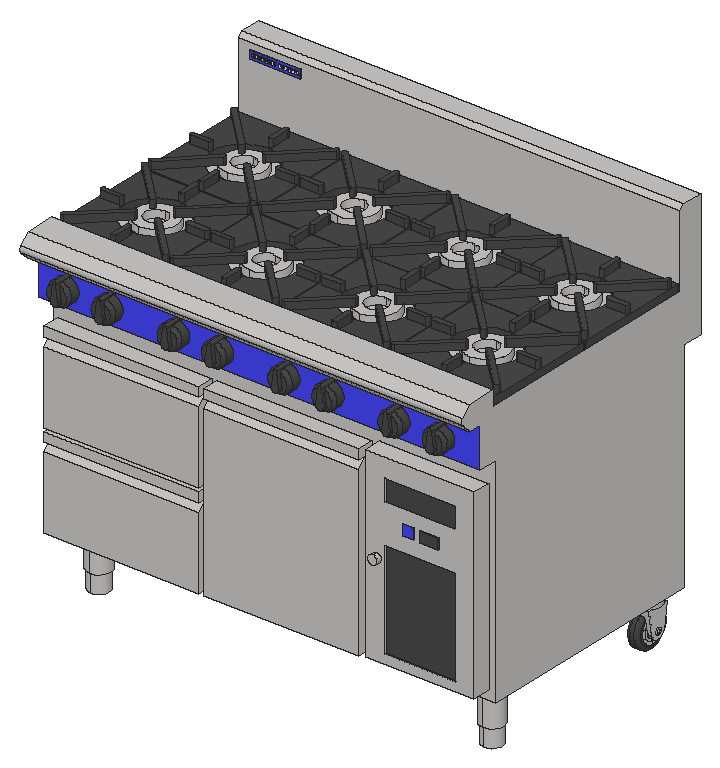
Revit family "QF_MOFFAT_BLUESEAL_CE_G518D-RB", category Specialty Equipment, Revit 2012
Parameters
  Weight in Pounds = 435  # constant formula
  Watts = 250 W
  Volts = 230 V
  URL Cutsheet = "www.moffat.com"
  URL = "www.moffat.com"
  Type Mark [instance] = ""
  Status [instance] = ""
  Specification by User [instance] = ""
  Specification by Manufacturer = ""
  Show Logo [instance] = yes
  Show Clearance [instance] = yes
  Show Casters [instance] = yes
  Serial Number = ""
  Seismic Rating = ""
  SMACNA No = ""
  Revision Code [instance] = ""
  Refrigerant Type = "R134a"
  Phase = 1
  Omniclass Number and Title = ""
  Number of Poles = 1
  NAFEM Spec ID Number = ""
  Model = "G518D-RB"
  Min Ckt Ampacity = 0 A
  Mechanical Remarks [instance] = ""
  Mechanical Connection Type [instance] = ""
  Max Overcurrent Protection = 0 A
  Masterspec = ""
  Manufacturer = "MOFFAT BLUESEAL"
  Legs [instance] = not(Show Casters)  # no
  Item Number [instance] = ""
  Installed By [instance] = ""
  Identify Quantity as Lot [instance] = yes
  HP = ""
  Gas Size = 3/4"
  Gas RI Height [instance] = 0.0 mm
  Gas KW [instance] = 62.2
  Gas Input [instance] = 212311.0 Btu/h
  Gas Connection Height = 0.0 mm
  Furnished By [instance] = ""
  Foodservice Equipment Identifier [instance] = yes
  FL Amps = 1.8 A
  Elec Conn RI Height = 0.0 mm
  Elec Conn Connection Height = 0.0 mm
  Description = "1200MM GAS COOK TOP ON REFRIGERATED BASE"
  Cycle = 50 Hz
  Conn Plug = ""
  Conn Conduit = yes
  CSI MasterFormat = ""
  CSI Master Format = ""
  Body Height [instance] = 915.0 mm
  Base Height [instance] = 150.0 mm
  Apparent Power = if(Phase = 3, Volts * FL Amps * 1.73, Volts * FL Amps)  # 414 VA
Reference planes
  plane 1 "BACK": y = 0
  plane 2: z = 0
  plane 3 "LEFT": x = 0
  plane 4 "RIGHT": x = 1200
  plane 5 "FRONT": y = -812
  plane 6 "TOP": z = 970
  plane 7 "Center Y": x = 600
  plane 8 "Center X": y = -406
  plane 9 "Base Height": z = 150
  plane 10: x = 1134
  plane 11: x = 65
  plane 12: z = 915
  plane 13: x = 1181
  plane 14: x = 973
  plane 15: y = -625
  plane 16: y = -100
  plane 17: z = 1085
Forms (mm)
  Extrusion 1, solid, material "QF_Finishes_Stainless Steel"
    sketch origin (0, 0, 0) x (0, 1, 0) y (0, 0, 1)
      loop
        line (0, 740) -> (0, 1085) -> (-57.5, 1085) -> (-70, 1072.5) -> (-70, 875) -> (-705, 875) -> (-705, 915) -> (-783.97, 915) -> (-808.485, 890.485)
        arc (-808.485, 890.485) -> (-811.999, 882) -> (-808.485, 873.515) r 12
        line (-808.485, 873.515) -> (-784.97, 850) -> (-749, 850) -> (-749, 740) -> (-697, 740) -> (-697, 150) -> (-57, 150) -> (-57, 740) -> (0, 740)
    from 0 to 1200
  Extrusion 2, solid, material "QF_Finishes_Stainless Steel"
    sketch origin (705, 3, 100) x (1, 0, 0) y (0, 1, 0)
      loop
        circle (365, -35) r 13.5
    from 555 to 640
  Revolve 3, solid, material "QF_Finishes_Black"
    sketch origin (89.687, 0, 759.972) x (0, 1, 0) y (0, 0, -1)
      loop
        line (-789, -69.5) -> (-766, -69.5) -> (-766, -42) -> (-756, -42) -> (-756, -37) -> (-800, -37) -> (-800, -63.651) -> (-789, -69.5)
      axis (-800, -37) -> (-756, -37)
    angle from 0 to 360
  Extrusion 4, solid, material "QF_Finishes_Black"
    sketch origin (227.956, 0, 760.13) x (-1, 0, 0) y (0, 0, -1)
      loop
        line (127.537, -26.064) -> (132.958, -68.983)
        arc (132.958, -68.983) -> (137.956, -73.87) -> (142.955, -68.983) r 5
        line (142.955, -68.983) -> (148.444, -24.898)
        arc (148.444, -24.898) -> (137.372, -14.399) -> (127.537, -26.064) r 10.487
    from 759 to 808
  Revolve 5, solid, material "QF_Finishes_Stainless Steel"
    sketch origin (65, -735, 0) x (0, 1, 0) y (0, 0, 1)
      loop
        line (78.25, 150) -> (78.25, 50) -> (82.5, 50) -> (82.5, 0) -> (110, 0) -> (110, 150) -> (78.25, 150)
      axis (110, 150) -> (110, 0)
    angle from 0 to 360
  Revolve 6, solid, material "QF_Finishes_Stainless Steel"
    sketch origin (1134, -735, 0) x (0, 1, 0) y (0, 0, -1)
      loop
        line (78.25, -150) -> (110, -150) -> (110, 0) -> (82.5, 0) -> (82.5, -50) -> (78.25, -50) -> (78.25, -150)
      axis (110, -150) -> (110, 0)
    angle from 0 to 360
  Extrusion 7, solid, material "QF_Finishes_Stainless Steel"
    sketch origin (0, 0, 0) x (0, 1, 0) y (0, 0, 1)
      loop
        line (-754, 678) -> (-754, 653) -> (-709.18, 653) -> (-709.18, 678) -> (-754, 678)
      loop
        line (-754, 421) -> (-754, 396) -> (-709.18, 396) -> (-709.18, 421) -> (-754, 421)
    from 19 to 439
  Extrusion 8, solid, material "QF_Finishes_Stainless Steel"
    sketch origin (0, -697, 222.5) x (0, 0, -1) y (1, 0, 0)
      loop
        line (-455.5, 1181) -> (-455.5, 887) -> (48.5, 887) -> (48.5, 1181) -> (-455.5, 1181)
      loop
        line (23.5, 1131) -> (-241.5, 1131) -> (-241.5, 937) -> (23.5, 937) -> (23.5, 1131)
      loop
        line (-405.5, 1131) -> (-405.5, 937) -> (-345.5, 937) -> (-345.5, 1131) -> (-405.5, 1131)
    from 0 to 48
  Extrusion 9, solid, material "QF_Finishes_Blue"
    sketch origin (0, -745, 222.5) x (0, 0, -1) y (1, 0, 0)
      loop
        line (-311.04, 987.426) -> (-281.04, 987.426) -> (-281.04, 1017.426) -> (-311.04, 1017.426) -> (-311.04, 987.426)
    from 0 to 1
  Extrusion 10, solid, material "QF_Finishes_Stainless Steel"
    sketch origin (0, -745, 222.5) x (0, 0, -1) y (1, 0, 0)
      loop
        circle (-202.271, 914.856) r 12.395
    from 0 to 12.7
  Extrusion 11, solid, material "QF_Finishes_Vents"
    sketch origin (0, -697, 222.5) x (0, 0, 1) y (1, 0, 0)
      loop
        line (345.5, 937) -> (405.5, 937) -> (405.5, 1131) -> (345.5, 1131) -> (345.5, 937)
      loop
        line (241.5, 937) -> (241.5, 1131) -> (-23.5, 1131) -> (-23.5, 937) -> (241.5, 937)
    from 0 to -44.529
  Extrusion 12, solid, material "QF_Door-Drawer Clearances", visible <- "Show Clearance", detail levels coarse
    sketch origin (0, -747, 174) x (0, 0, 1) y (-1, 0, 0)
      loop
        line (0, -19) -> (0, -439) -> (247, -439) -> (247, -19) -> (0, -19)
      loop
        line (257, -19) -> (257, -439) -> (504, -439) -> (504, -19) -> (257, -19)
    from 0 to 304.8
  Extrusion 13, solid, material "QF_Finishes_Stainless Steel"
    sketch origin (0, 0, 0) x (0, 1, 0) y (0, 0, 1)
      loop
        line (-709.18, 174) -> (-709.18, 650.613) -> (-731.387, 650.613) -> (-754, 628) -> (-754, 174) -> (-709.18, 174)
    from 453 to 873
  Extrusion 14, solid, material "QF_Door-Drawer Clearances", visible <- "Show Clearance", detail levels coarse
    sketch origin (0, -754, 174) x (1, 0, 0) y (0, -1, 0)
      loop
        line (453, 0) -> (873, 0) -> (873, 420)
        arc (873, 420) -> (576.015, 296.985) -> (453, 0) r 420
    from 0 to -504
  Extrusion 15, solid, material "QF_Finishes_Stainless Steel"
    sketch origin (0, -57, 735) x (0, 0, 1) y (1, 0, 0)
      loop
        circle (-315, 920) r 6.35
    from 0 to 1.6
  Extrusion 16, solid, material "QF_Finishes_Stainless Steel"
    sketch origin (0, 0, 0) x (0, 1, 0) y (0, 0, 1)
      loop
        line (-754, 431) -> (-709.18, 431) -> (-709.18, 650.613) -> (-731.387, 650.613) -> (-754, 628) -> (-754, 431)
      loop
        line (-754, 174) -> (-709.18, 174) -> (-709.18, 393.613) -> (-731.387, 393.613) -> (-754, 371) -> (-754, 174)
    from 19 to 439
  Extrusion 17, solid, material "QF_Finishes_Stainless Steel"
    sketch origin (0, 0, 0) x (0, 1, 0) y (0, 0, 1)
      loop
        line (-709.18, 653) -> (-709.18, 678) -> (-754, 678) -> (-754, 653) -> (-709.18, 653)
    from 453 to 873
  Revolve 18, solid, material "QF_Finishes_Black"
    sketch origin (210, 0, 760) x (0, 1, 0) y (0, 0, -1)
      loop
        line (-789, -69.5) -> (-766, -69.5) -> (-766, -42) -> (-756, -42) -> (-756, -37) -> (-800, -37) -> (-800, -63.651) -> (-789, -69.5)
      axis (-800, -37) -> (-756, -37)
    angle from 0 to 360
  Extrusion 19, solid, material "QF_Finishes_Black"
    sketch origin (348.27, 0, 760.158) x (-1, 0, 0) y (0, 0, -1)
      loop
        line (127.537, -26.064) -> (132.958, -68.983)
        arc (132.958, -68.983) -> (137.956, -73.87) -> (142.955, -68.983) r 5
        line (142.955, -68.983) -> (148.444, -24.898)
        arc (148.444, -24.898) -> (137.372, -14.399) -> (127.537, -26.064) r 10.487
    from 759 to 808
  Revolve 20, solid, material "QF_Finishes_Black"
    sketch origin (390, 0, 760) x (0, 1, 0) y (0, 0, -1)
      loop
        line (-789, -69.5) -> (-766, -69.5) -> (-766, -42) -> (-756, -42) -> (-756, -37) -> (-800, -37) -> (-800, -63.651) -> (-789, -69.5)
      axis (-800, -37) -> (-756, -37)
    angle from 0 to 360
  Extrusion 21, solid, material "QF_Finishes_Black"
    sketch origin (528.27, 0, 760.158) x (-1, 0, 0) y (0, 0, -1)
      loop
        line (127.537, -26.064) -> (132.958, -68.983)
        arc (132.958, -68.983) -> (137.956, -73.87) -> (142.955, -68.983) r 5
        line (142.955, -68.983) -> (148.444, -24.898)
        arc (148.444, -24.898) -> (137.372, -14.399) -> (127.537, -26.064) r 10.487
    from 759 to 808
  Revolve 22, solid, material "QF_Finishes_Black"
    sketch origin (510.313, 0, 760.028) x (0, 1, 0) y (0, 0, -1)
      loop
        line (-789, -69.5) -> (-766, -69.5) -> (-766, -42) -> (-756, -42) -> (-756, -37) -> (-800, -37) -> (-800, -63.651) -> (-789, -69.5)
      axis (-800, -37) -> (-756, -37)
    angle from 0 to 360
  Extrusion 23, solid, material "QF_Finishes_Black"
    sketch origin (648.583, 0, 760.186) x (-1, 0, 0) y (0, 0, -1)
      loop
        line (127.537, -26.064) -> (132.958, -68.983)
        arc (132.958, -68.983) -> (137.956, -73.87) -> (142.955, -68.983) r 5
        line (142.955, -68.983) -> (148.444, -24.898)
        arc (148.444, -24.898) -> (137.372, -14.399) -> (127.537, -26.064) r 10.487
    from 759 to 808
  Revolve 24, solid, material "QF_Finishes_Black"
    sketch origin (690, 0, 760) x (0, 1, 0) y (0, 0, -1)
      loop
        line (-789, -69.5) -> (-766, -69.5) -> (-766, -42) -> (-756, -42) -> (-756, -37) -> (-800, -37) -> (-800, -63.651) -> (-789, -69.5)
      axis (-800, -37) -> (-756, -37)
    angle from 0 to 360
  Extrusion 25, solid, material "QF_Finishes_Black"
    sketch origin (828.27, 0, 760.158) x (-1, 0, 0) y (0, 0, -1)
      loop
        line (127.537, -26.064) -> (132.958, -68.983)
        arc (132.958, -68.983) -> (137.956, -73.87) -> (142.955, -68.983) r 5
        line (142.955, -68.983) -> (148.444, -24.898)
        arc (148.444, -24.898) -> (137.372, -14.399) -> (127.537, -26.064) r 10.487
    from 759 to 808
  Revolve 26, solid, material "QF_Finishes_Black"
    sketch origin (810.313, 0, 760.028) x (0, 1, 0) y (0, 0, -1)
      loop
        line (-789, -69.5) -> (-766, -69.5) -> (-766, -42) -> (-756, -42) -> (-756, -37) -> (-800, -37) -> (-800, -63.651) -> (-789, -69.5)
      axis (-800, -37) -> (-756, -37)
    angle from 0 to 360
  Extrusion 27, solid, material "QF_Finishes_Black"
    sketch origin (948.583, 0, 760.186) x (-1, 0, 0) y (0, 0, -1)
      loop
        line (127.537, -26.064) -> (132.958, -68.983)
        arc (132.958, -68.983) -> (137.956, -73.87) -> (142.955, -68.983) r 5
        line (142.955, -68.983) -> (148.444, -24.898)
        arc (148.444, -24.898) -> (137.372, -14.399) -> (127.537, -26.064) r 10.487
    from 759 to 808
  Revolve 28, solid, material "QF_Finishes_Black"
    sketch origin (990, 0, 760) x (0, 1, 0) y (0, 0, -1)
      loop
        line (-789, -69.5) -> (-766, -69.5) -> (-766, -42) -> (-756, -42) -> (-756, -37) -> (-800, -37) -> (-800, -63.651) -> (-789, -69.5)
      axis (-800, -37) -> (-756, -37)
    angle from 0 to 360
  Extrusion 29, solid, material "QF_Finishes_Black"
    sketch origin (1128.27, 0, 760.158) x (-1, 0, 0) y (0, 0, -1)
      loop
        line (127.537, -26.064) -> (132.958, -68.983)
        arc (132.958, -68.983) -> (137.956, -73.87) -> (142.955, -68.983) r 5
        line (142.955, -68.983) -> (148.444, -24.898)
        arc (148.444, -24.898) -> (137.372, -14.399) -> (127.537, -26.064) r 10.487
    from 759 to 808
  Revolve 30, solid, material "QF_Finishes_Black"
    sketch origin (1110.313, 0, 760.028) x (0, 1, 0) y (0, 0, -1)
      loop
        line (-789, -69.5) -> (-766, -69.5) -> (-766, -42) -> (-756, -42) -> (-756, -37) -> (-800, -37) -> (-800, -63.651) -> (-789, -69.5)
      axis (-800, -37) -> (-756, -37)
    angle from 0 to 360
  Extrusion 31, solid, material "QF_Finishes_Black"
    sketch origin (1248.583, 0, 760.186) x (-1, 0, 0) y (0, 0, -1)
      loop
        line (127.537, -26.064) -> (132.958, -68.983)
        arc (132.958, -68.983) -> (137.956, -73.87) -> (142.955, -68.983) r 5
        line (142.955, -68.983) -> (148.444, -24.898)
        arc (148.444, -24.898) -> (137.372, -14.399) -> (127.537, -26.064) r 10.487
    from 759 to 808
  Revolve 32, solid, material "QF_Finishes_Stainless Steel", visible <- "Legs"
    sketch origin (65.5, -166, 0) x (0, 1, 0) y (0, 0, 1)
      loop
        line (34.25, 150) -> (34.25, 50) -> (38.5, 50) -> (38.5, 0) -> (66, 0) -> (66, 150) -> (34.25, 150)
      axis (66, 150) -> (66, 0)
    angle from 0 to 360
  Revolve 33, solid, material "QF_Finishes_Stainless Steel", visible <- "Show Casters"
    sketch origin (16.276, -100.755, -12.8) x (1, 0, 0) y (0, 0, 1)
      loop
        line (14.841, 63.604) -> (83.584, 63.604) -> (83.584, 67.109) -> (82.314, 68.379) -> (80.79, 68.379) -> (80.79, 71.826) -> (68.644, 71.826) -> (68.644, 81.79) -> (65.088, 83.843) -> (63.738, 92.179) -> (65.881, 92.179) -> (65.881, 98.529) -> (65.088, 98.529) -> (65.088, 104.879)
        arc (65.088, 104.879) -> (62.298, 111.614) -> (55.563, 114.404) r 9.525
        line (55.563, 114.404) -> (42.863, 114.404)
        arc (42.863, 114.404) -> (36.127, 111.614) -> (33.338, 104.879) r 9.525
        line (33.338, 104.879) -> (33.338, 98.529) -> (32.544, 98.529) -> (32.544, 92.179) -> (34.687, 92.179) -> (33.352, 83.932) -> (29.782, 81.871) -> (29.782, 71.826) -> (17.635, 71.826) -> (17.635, 68.379) -> (16.111, 68.379) -> (14.841, 67.109) -> (14.841, 63.604)
      axis (14.841, 63.604) -> (83.584, 63.604)
    angle from 0 to 360
  Extrusion 34, solid, material "QF_Finishes_Stainless Steel", visible <- "Show Casters"
    sketch origin (72.001, 132.353, -8.783) x (0, 1, 0) y (0, 0, 1)
      loop
        line (-200.603, 118.783) -> (-264.103, 118.783) -> (-251.746, 53.895)
        arc (-251.746, 53.895) -> (-232.353, 38.783) -> (-212.959, 53.895) r 20
        line (-212.959, 53.895) -> (-200.603, 118.783)
    from -35.667 to 22.923
  Revolve 35, solid, material "QF_Finishes_Stainless Steel", visible <- "Show Casters"
    sketch origin (65.5, -204, 0) x (0, 1, 0) y (0, 0, 1)
      loop
        line (68.25, 150) -> (68.25, 110) -> (104, 110) -> (104, 150) -> (68.25, 150)
      axis (104, 150) -> (104, 110)
    angle from 0 to 360
  Revolve 36, solid, material "QF_Finishes_Stainless Steel", visible <- "Legs"
    sketch origin (65.5, -166, 0) x (0, 1, 0) y (0, 0, 1)
      loop
        line (34.25, 150) -> (34.25, 50) -> (38.5, 50) -> (38.5, 0) -> (66, 0) -> (66, 150) -> (34.25, 150)
      axis (66, 150) -> (66, 0)
    angle from 0 to 360
  Revolve 37, solid, material "QF_Finishes_Stainless Steel", visible <- "Legs"
    sketch origin (1134.5, -166, 0) x (0, 1, 0) y (0, 0, -1)
      loop
        line (34.25, -150) -> (66, -150) -> (66, 0) -> (38.5, 0) -> (38.5, -50) -> (34.25, -50) -> (34.25, -150)
      axis (66, -150) -> (66, 0)
    angle from 0 to 360
  Revolve 38, solid, material "QF_Finishes_Stainless Steel", visible <- "Show Casters"
    sketch origin (1183.724, -100.755, -12.8) x (-1, 0, 0) y (0, 0, -1)
      loop
        line (14.841, -63.604) -> (14.841, -67.109) -> (16.111, -68.379) -> (17.635, -68.379) -> (17.635, -71.826) -> (29.782, -71.826) -> (29.782, -81.871) -> (33.352, -83.932) -> (34.687, -92.179) -> (32.544, -92.179) -> (32.544, -98.529) -> (33.338, -98.529) -> (33.338, -104.879)
        arc (33.338, -104.879) -> (36.127, -111.614) -> (42.863, -114.404) r 9.525
        line (42.863, -114.404) -> (55.563, -114.404)
        arc (55.563, -114.404) -> (62.298, -111.614) -> (65.088, -104.879) r 9.525
        line (65.088, -104.879) -> (65.088, -98.529) -> (65.881, -98.529) -> (65.881, -92.179) -> (63.738, -92.179) -> (65.088, -83.843) -> (68.644, -81.79) -> (68.644, -71.826) -> (80.79, -71.826) -> (80.79, -68.379) -> (82.314, -68.379) -> (83.584, -67.109) -> (83.584, -63.604) -> (14.841, -63.604)
      axis (14.841, -63.604) -> (83.584, -63.604)
    angle from 0 to 360
  Extrusion 39, solid, material "QF_Finishes_Stainless Steel", visible <- "Show Casters"
    sketch origin (1127.999, 132.353, -8.783) x (0, 1, 0) y (0, 0, -1)
      loop
        line (-200.603, -118.783) -> (-212.959, -53.895)
        arc (-212.959, -53.895) -> (-232.353, -38.783) -> (-251.746, -53.895) r 20
        line (-251.746, -53.895) -> (-264.103, -118.783) -> (-200.603, -118.783)
    from -35.667 to 22.923
  Revolve 40, solid, material "QF_Finishes_Stainless Steel", visible <- "Show Casters"
    sketch origin (1134.5, -204, 0) x (0, 1, 0) y (0, 0, -1)
      loop
        line (68.25, -150) -> (104, -150) -> (104, -110) -> (68.25, -110) -> (68.25, -150)
      axis (104, -150) -> (104, -110)
    angle from 0 to 360
  Revolve 41, solid, material "QF_Finishes_Stainless Steel", visible <- "Legs"
    sketch origin (1134.5, -166, 0) x (0, 1, 0) y (0, 0, -1)
      loop
        line (34.25, -150) -> (66, -150) -> (66, 0) -> (38.5, 0) -> (38.5, -50) -> (34.25, -50) -> (34.25, -150)
      axis (66, -150) -> (66, 0)
    angle from 0 to 360
  Extrusion 42, solid, material "QF_Finishes_Black"
    sketch origin (0, -745, 222.5) x (0, 0, -1) y (1, 0, 0)
      loop
        line (-311.04, 1035.003) -> (-281.04, 1035.003) -> (-281.04, 1083.315) -> (-311.04, 1083.315) -> (-311.04, 1035.003)
    from 0 to 1
Lines and regions (mm)
  Split face 1
    outline origin (0, -22, 1085) x (0, 1, 0) y (-1, 0, 0)
      loop
        arc (-23.385, -1164.794) -> (-18.385, -1173.455) -> (-8.385, -1173.455) r 10
        line (-8.385, -1173.455) -> (-1.385, -1169.413)
        arc (-1.385, -1169.413) -> (2.275, -1165.753) -> (3.615, -1160.753) r 10
        line (3.615, -1160.753) -> (3.615, -932.794)
        arc (3.615, -932.794) -> (-1.385, -924.134) -> (-11.385, -924.134) r 10
        line (-11.385, -924.134) -> (-18.385, -928.176)
        arc (-18.385, -928.176) -> (-22.045, -931.836) -> (-23.385, -936.836) r 10
        line (-23.385, -936.836) -> (-23.385, -1164.794)
  Split face 2
    outline origin (0, -22, 1085) x (0, 1, 0) y (-1, 0, 0)
      loop
        arc (-23.385, -864.794) -> (-18.385, -873.455) -> (-8.385, -873.455) r 10
        line (-8.385, -873.455) -> (-1.385, -869.413)
        arc (-1.385, -869.413) -> (2.275, -865.753) -> (3.615, -860.753) r 10
        line (3.615, -860.753) -> (3.615, -632.794)
        arc (3.615, -632.794) -> (-1.385, -624.134) -> (-11.385, -624.134) r 10
        line (-11.385, -624.134) -> (-18.385, -628.176)
        arc (-18.385, -628.176) -> (-22.045, -631.836) -> (-23.385, -636.836) r 10
        line (-23.385, -636.836) -> (-23.385, -864.794)
  Split face 3
    outline origin (0, -22, 1085) x (0, 1, 0) y (-1, 0, 0)
      loop
        arc (-23.385, -564.794) -> (-18.385, -573.455) -> (-8.385, -573.455) r 10
        line (-8.385, -573.455) -> (-1.385, -569.413)
        arc (-1.385, -569.413) -> (2.275, -565.753) -> (3.615, -560.753) r 10
        line (3.615, -560.753) -> (3.615, -332.794)
        arc (3.615, -332.794) -> (-1.385, -324.134) -> (-11.385, -324.134) r 10
        line (-11.385, -324.134) -> (-18.385, -328.176)
        arc (-18.385, -328.176) -> (-22.045, -331.836) -> (-23.385, -336.836) r 10
        line (-23.385, -336.836) -> (-23.385, -564.794)
  Split face 4
    outline origin (0, -22, 1085) x (0, 1, 0) y (-1, 0, 0)
      loop
        arc (-23.385, -264.794) -> (-18.385, -273.455) -> (-8.385, -273.455) r 10
        line (-8.385, -273.455) -> (-1.385, -269.413)
        arc (-1.385, -269.413) -> (2.275, -265.753) -> (3.615, -260.753) r 10
        line (3.615, -260.753) -> (3.615, -32.794)
        arc (3.615, -32.794) -> (-1.385, -24.134) -> (-11.385, -24.134) r 10
        line (-11.385, -24.134) -> (-18.385, -28.176)
        arc (-18.385, -28.176) -> (-22.045, -31.836) -> (-23.385, -36.836) r 10
        line (-23.385, -36.836) -> (-23.385, -264.794)
  symbolic lines, style "QF_Door-Drawer Clearances"
    curve 1: line (19, -812, 150) -> (19, -1058.8, 150)
    curve 2: line (19, -1058.8, 150) -> (439, -1058.8, 150)
    curve 3: line (439, -1058.8, 150) -> (439, -812, 150)
    curve 4: arc (512.99, -970.316, 150) -> (477.409, -895.095, 150) -> (457.356, -814.336, 150) r 420
    curve 5: line (776.472, -812, 150) -> (512.99, -970.316, 150)
  symbolic lines, style "SpecialityEquipmentHiddenLines", visible <- "Show Casters"
    curve 6: line (78.456, -46.735, 0) -> (105.952, -62.61, 0)
    curve 7: line (27.656, -134.723, 0) -> (78.456, -46.735, 0)
    curve 8: line (55.152, -150.598, 0) -> (27.656, -134.723, 0)
    curve 9: line (105.952, -62.61, 0) -> (55.152, -150.598, 0)
    curve 10: line (1125.152, -150.598, 0) -> (1097.656, -134.723, 0)
    curve 11: line (1175.952, -62.61, 0) -> (1125.152, -150.598, 0)
    curve 52: line (1148.456, -46.735, 0) -> (1097.656, -134.723, 0)
    curve 53: line (1175.952, -62.61, 0) -> (1148.456, -46.735, 0)
  symbolic lines
    curve 12: line (32.794, -18.385, 0) -> (260.753, -18.385, 0)
    curve 13: arc (260.753, -18.385, 0) -> (265.753, -19.725, 0) -> (269.413, -23.385, 0) r 10
    curve 14: line (269.413, -23.385, 0) -> (273.455, -30.385, 0)
    curve 15: arc (273.455, -30.385, 0) -> (273.455, -40.385, 0) -> (264.794, -45.385, 0) r 10
    curve 16: line (264.794, -45.385, 0) -> (36.836, -45.385, 0)
    curve 17: arc (36.836, -45.385, 0) -> (31.836, -44.045, 0) -> (28.176, -40.385, 0) r 10
    curve 18: line (28.176, -40.385, 0) -> (24.134, -33.385, 0)
    curve 19: arc (24.134, -33.385, 0) -> (24.134, -23.385, 0) -> (32.794, -18.385, 0) r 10
    curve 20: line (560.753, -18.385, 0) -> (332.794, -18.385, 0)
    curve 21: arc (332.794, -18.385, 0) -> (324.134, -23.385, 0) -> (324.134, -33.385, 0) r 10
    curve 22: line (324.134, -33.385, 0) -> (328.176, -40.385, 0)
    curve 23: arc (328.176, -40.385, 0) -> (331.836, -44.045, 0) -> (336.836, -45.385, 0) r 10
    curve 24: line (336.836, -45.385, 0) -> (564.794, -45.385, 0)
    curve 25: arc (564.794, -45.385, 0) -> (573.455, -40.385, 0) -> (573.455, -30.385, 0) r 10
    curve 26: line (573.455, -30.385, 0) -> (569.413, -23.385, 0)
    curve 27: arc (569.413, -23.385, 0) -> (565.753, -19.725, 0) -> (560.753, -18.385, 0) r 10
    curve 28: line (632.794, -18.385, 0) -> (860.753, -18.385, 0)
    curve 29: arc (860.753, -18.385, 0) -> (865.753, -19.725, 0) -> (869.413, -23.385, 0) r 10
    curve 30: line (869.413, -23.385, 0) -> (873.455, -30.385, 0)
    curve 31: arc (873.455, -30.385, 0) -> (873.455, -40.385, 0) -> (864.794, -45.385, 0) r 10
    curve 32: line (864.794, -45.385, 0) -> (636.836, -45.385, 0)
    curve 33: arc (636.836, -45.385, 0) -> (631.836, -44.045, 0) -> (628.176, -40.385, 0) r 10
    curve 34: line (628.176, -40.385, 0) -> (624.134, -33.385, 0)
    curve 35: arc (624.134, -33.385, 0) -> (624.134, -23.385, 0) -> (632.794, -18.385, 0) r 10
    curve 36: line (1160.753, -18.385, 0) -> (932.794, -18.385, 0)
    curve 37: arc (932.794, -18.385, 0) -> (924.134, -23.385, 0) -> (924.134, -33.385, 0) r 10
    curve 38: line (924.134, -33.385, 0) -> (928.176, -40.385, 0)
    curve 39: arc (928.176, -40.385, 0) -> (931.836, -44.045, 0) -> (936.836, -45.385, 0) r 10
    curve 40: line (936.836, -45.385, 0) -> (1164.794, -45.385, 0)
    curve 41: arc (1164.794, -45.385, 0) -> (1173.455, -40.385, 0) -> (1173.455, -30.385, 0) r 10
    curve 42: line (1173.455, -30.385, 0) -> (1169.413, -23.385, 0)
    curve 43: arc (1169.413, -23.385, 0) -> (1165.753, -19.725, 0) -> (1160.753, -18.385, 0) r 10
    curve 44: line (1200, 0, 0) -> (0, 0, 0)
    curve 45: line (1200, -57, 0) -> (0, -57, 0)
    curve 46: line (0, -70, 0) -> (1200, -70, 0)
    curve 47: line (-1, -705, 0) -> (1199, -705, 0)
    curve 48: line (0, -783.97, 0) -> (1200, -783.97, 0)
    curve 49: line (0, -811.999, 0) -> (1200, -811.999, 0)
    curve 50: line (1200, -811.999, 0) -> (1200, 0, 0)
    curve 51: line (0, 0, 0) -> (0, -811.999, 0)
Dimensions and locks
  equal spacing: plane 3 "LEFT", plane 7 "Center Y", plane 4 "RIGHT"
  plane 3 "LEFT" to plane 4 "RIGHT" = 1200.0 mm
  equal spacing: plane 5 "FRONT", plane 8 "Center X", plane 1 "BACK"
  plane 5 "FRONT" to plane 1 "BACK" = 812.0 mm
  "Base Height": plane 9 "Base Height" to level
  plane 6 "TOP" to level = 970.0 mm
  plane 10 to plane 11 = 1069.0 mm
  level to Extrusion 2 = 655.0 mm
  Extrusion 1 to Extrusion 7 = 19.0 mm
  Extrusion 8 sketch curve to Extrusion 8 sketch curve = 294.0 mm
  plane 15 to plane 16 = 525.0 mm
  plane 17 to plane 2 = 1085.0 mm
  Extrusion 15 sketch curve to plane 4 "RIGHT" = 280.0 mm
  Extrusion 15 sketch curve to plane 2 = 420.0 mm
  Revolve 33 sketch curve to Revolve 33 sketch curve = 50.8 mm
  Revolve 38 sketch curve to Revolve 38 sketch curve = 50.8 mm
  aligned and locked: level to plane 2
Automatic sketch dimensions
  curve 45 to plane 3 "LEFT" = 0.0 mm
  curve 48 to plane 4 "RIGHT" = 0.0 mm
  plane 1 "BACK" to curve 44 = 0.0 mm
  curve 47 to plane 3 "LEFT" = 1.0 mm
  plane 3 "LEFT" to curve 18 = 24.134 mm
  plane 3 "LEFT" to curve 8 = 27.656 mm
  curve 19 to curve 17 = 4.041 mm
  curve 18 to curve 19 = 8.66 mm
  curve 17 to curve 17 = 8.66 mm
  curve 8 to plane 11 = 9.848 mm
  plane 11 to curve 7 = 13.456 mm
  plane 1 "BACK" to curve 12 = 18.385 mm
  curve 6 to curve 12 = 154.801 mm
  curve 13 to curve 15 = 4.041 mm  (x2)
  curve 13 to curve 13 = 8.66 mm
  curve 14 to curve 21 = 50.679 mm
  curve 22 to curve 23 = 4.041 mm
  curve 21 to curve 21 = 8.66 mm
  curve 23 to curve 23 = 8.66 mm
  plane 1 "BACK" to curve 27 = 18.385 mm
  curve 27 to plane 7 "Center Y" = 39.247 mm
  curve 27 to curve 24 = 4.041 mm
  plane 1 "BACK" to curve 26 = 23.385 mm
  curve 27 to curve 26 = 8.66 mm
  curve 26 to curve 25 = 4.041 mm
  plane 7 "Center Y" to curve 35 = 24.134 mm
  curve 35 to curve 34 = 4.041 mm
  curve 34 to curve 28 = 8.66 mm
  curve 33 to curve 32 = 8.66 mm
  plane 1 "BACK" to curve 29 = 18.385 mm
  curve 29 to plane 14 = 112.247 mm
  curve 29 to curve 31 = 4.041 mm
  curve 29 to curve 29 = 8.66 mm
  plane 1 "BACK" to curve 30 = 30.385 mm
  curve 29 to curve 30 = 4.041 mm
  curve 38 to plane 14 = 48.866 mm
  curve 37 to curve 38 = 4.041 mm
  curve 37 to curve 37 = 8.66 mm
  curve 37 to curve 39 = 4.041 mm
  curve 52 to plane 10 = 36.344 mm
  curve 10 to plane 10 = 8.848 mm
  plane 10 to curve 53 = 14.456 mm
  curve 52 to curve 43 = 12.297 mm
  curve 43 to curve 41 = 4.041 mm
  curve 36 to curve 42 = 8.66 mm
  curve 43 to curve 42 = 4.041 mm
  plane 4 "RIGHT" to curve 47 = 1.0 mm
  curve 34 to curve 28 = 15.0 mm
  curve 18 to curve 12 = 15.0 mm
  curve 21 to curve 20 = 15.0 mm
  plane 1 "BACK" to curve 38 = 33.385 mm
  curve 31 to curve 31 = 5.0 mm
  curve 25 to curve 27 = 7.0 mm
  curve 15 to curve 12 = 17.0 mm
  curve 17 to curve 19 = 7.0 mm
  curve 33 to curve 35 = 7.0 mm
  curve 23 to curve 21 = 7.0 mm
  plane 1 "BACK" to curve 41 = 35.385 mm
  curve 39 to curve 37 = 2.0 mm
  curve 39 to curve 37 = 7.0 mm  (x2)
  curve 18 to curve 19 = 7.0 mm
  curve 22 to curve 22 = 7.0 mm
  curve 53 to curve 41 = 1.35 mm
  curve 6 to curve 17 = 1.35 mm
  curve 45 to curve 40 = 11.615 mm
  curve 53 to curve 41 = 17.225 mm
  curve 6 to curve 6 = 15.875 mm
  curve 46 to curve 45 = 13.0 mm
  curve 47 to plane 15 = 80.0 mm
  curve 48 to plane 5 "FRONT" = 28.03 mm
  curve 51 to plane 5 "FRONT" = 0.001 mm
  curve 31 to curve 29 = 7.0 mm
  curve 15 to curve 13 = 7.0 mm
  curve 41 to curve 43 = 7.0 mm
  Extrusion 1 sketch curve to plane 12 = 0.0 mm
  Extrusion 1 sketch curve to plane 9 "Base Height" = 0.0 mm
  Extrusion 1 sketch curve to plane 17 = 0.0 mm
  Extrusion 1 sketch curve to plane 1 "BACK" = 0.0 mm
  plane 16 to Extrusion 1 sketch curve = 43.0 mm
  plane 16 to Extrusion 1 sketch curve = 42.5 mm
  Extrusion 1 sketch curve to Extrusion 1 sketch curve = 12.5 mm
  Extrusion 1 sketch curve to plane 15 = 72.0 mm
  Extrusion 1 sketch curve to plane 15 = 80.0 mm
  Extrusion 1 sketch curve to Extrusion 1 sketch curve = 52.0 mm
  Extrusion 1 sketch curve to plane 5 "FRONT" = 28.03 mm
  Extrusion 1 sketch curve to plane 5 "FRONT" = 27.03 mm
  Extrusion 1 sketch curve to plane 5 "FRONT" = 12.001 mm
  Extrusion 1 sketch curve to plane 5 "FRONT" = 3.515 mm  (x2)
  Extrusion 1 sketch curve to plane 12 = 175.0 mm  (x2)
  Extrusion 1 sketch curve to plane 12 = 65.0 mm
  Extrusion 1 sketch curve to Extrusion 1 sketch curve = 23.515 mm
  Extrusion 1 sketch curve to Extrusion 1 sketch curve = 40.0 mm
  Extrusion 1 sketch curve to Extrusion 1 sketch curve = 8.485 mm
  Extrusion 1 sketch curve to plane 17 = 12.5 mm
  plane 1 "BACK" to Extrusion 2 sketch curve = 32.0 mm
  Extrusion 2 sketch curve to plane 10 = 64.0 mm
  Revolve 3 sketch curve to plane 5 "FRONT" = 12.0 mm
  Revolve 3 sketch curve to Revolve 3 sketch curve = 0.0 mm  (x2)
  Revolve 3 sketch curve to Revolve 3 sketch curve = 11.0 mm
  Revolve 3 sketch curve to Revolve 3 sketch curve = 12.7 mm
  Revolve 3 sketch curve to Revolve 3 sketch curve = 23.0 mm
  Revolve 3 sketch curve to Revolve 3 sketch curve = 10.0 mm
  Revolve 3 sketch curve to plane 12 = 85.528 mm
  Revolve 3 sketch curve to Revolve 3 sketch curve = 5.849 mm
  Revolve 3 sketch curve to Revolve 3 sketch curve = 27.5 mm
  Revolve 3 sketch curve to Revolve 3 sketch curve = 5.0 mm
  plane 11 to Extrusion 4 sketch curve = 35.419 mm
  plane 11 to Extrusion 4 sketch curve = 29.999 mm
  Extrusion 4 sketch curve to Extrusion 4 sketch curve = 10.419 mm
  Extrusion 4 sketch curve to Extrusion 4 sketch curve = 4.999 mm  (x2)
  Extrusion 4 sketch curve to Extrusion 4 sketch curve = 10.487 mm
  Extrusion 4 sketch curve to plane 12 = 85.887 mm
  Extrusion 4 sketch curve to Extrusion 4 sketch curve = 0.113 mm
  Extrusion 4 sketch curve to Extrusion 4 sketch curve = 42.919 mm
  Extrusion 4 sketch curve to Extrusion 4 sketch curve = 1.167 mm
  Revolve 5 sketch curve to plane 9 "Base Height" = 0.0 mm
  Revolve 5 sketch curve to level = 0.0 mm
  Revolve 5 sketch curve to plane 15 = 0.0 mm  (x2)
  Revolve 5 sketch curve to plane 15 = 27.5 mm
  Revolve 5 sketch curve to Revolve 5 sketch curve = 31.75 mm
  Revolve 5 sketch curve to Revolve 5 sketch curve = 55.0 mm
  level to Revolve 5 sketch curve = 50.0 mm
  Revolve 5 sketch curve to Revolve 5 sketch curve = 0.0 mm
  Revolve 6 sketch curve to plane 9 "Base Height" = 0.0 mm
  Revolve 6 sketch curve to level = 0.0 mm
  Revolve 6 sketch curve to plane 15 = 0.0 mm  (x2)
  Revolve 6 sketch curve to plane 15 = 27.5 mm
  Revolve 6 sketch curve to plane 15 = 31.75 mm
  level to Revolve 6 sketch curve = 50.0 mm
  Revolve 6 sketch curve to Revolve 6 sketch curve = 0.0 mm
  Revolve 6 sketch curve to Revolve 6 sketch curve = 55.0 mm
  Extrusion 7 sketch curve to plane 5 "FRONT" = 58.0 mm  (x2)
  Extrusion 7 sketch curve to Extrusion 7 sketch curve = 44.82 mm  (x2)
  plane 9 "Base Height" to Extrusion 7 sketch curve = 246.0 mm
  Extrusion 7 sketch curve to Extrusion 7 sketch curve = 25.0 mm  (x2)
  Extrusion 7 sketch curve to Extrusion 7 sketch curve = 232.0 mm
  Extrusion 8 sketch curve to Extrusion 1 = 62.0 mm
  Extrusion 8 sketch curve to Extrusion 8 sketch curve = 50.0 mm  (x3)
  Extrusion 8 sketch curve to Extrusion 8 sketch curve = 60.0 mm
  Extrusion 8 sketch curve to Extrusion 8 sketch curve = 104.0 mm
  Extrusion 1 to Extrusion 8 sketch curve = 49.0 mm
  Extrusion 1 to Extrusion 8 sketch curve = 24.0 mm
  Extrusion 1 to Extrusion 8 sketch curve = 313.0 mm
  Extrusion 8 sketch curve to Extrusion 8 sketch curve = 0.0 mm
  Extrusion 1 to Extrusion 8 sketch curve = 69.0 mm
  Extrusion 9 sketch curve to Extrusion 8 = 34.46 mm
  Extrusion 9 sketch curve to Extrusion 9 sketch curve = 30.0 mm  (x2)
  Extrusion 8 to Extrusion 9 sketch curve = 50.426 mm
  Extrusion 8 to Extrusion 10 sketch curve = 39.229 mm
  Extrusion 10 sketch curve to Extrusion 8 = 22.144 mm
  Extrusion 11 sketch curve to Extrusion 8 = 0.0 mm  (x6)
  Extrusion 8 to Extrusion 11 sketch curve = 0.0 mm  (x2)
  plane 9 "Base Height" to Extrusion 12 sketch curve = 24.0 mm
  Extrusion 12 sketch curve to Extrusion 12 sketch curve = 247.0 mm
  Extrusion 12 sketch curve to Extrusion 12 sketch curve = 10.0 mm
  plane 3 "LEFT" to Extrusion 12 sketch curve = 19.0 mm  (x2)
  Extrusion 12 sketch curve to plane 12 = 237.0 mm
  Extrusion 12 sketch curve to plane 7 "Center Y" = 161.0 mm
  Extrusion 12 sketch curve to Extrusion 12 sketch curve = 0.0 mm
  Extrusion 13 sketch curve to plane 5 "FRONT" = 58.0 mm
  Extrusion 13 sketch curve to Extrusion 13 sketch curve = 22.613 mm  (x2)
  Extrusion 13 sketch curve to Extrusion 13 sketch curve = 22.207 mm
  plane 9 "Base Height" to Extrusion 13 sketch curve = 24.0 mm
  Extrusion 13 sketch curve to plane 12 = 287.0 mm
  Extrusion 14 sketch curve to Extrusion 13 = 0.0 mm  (x3)
  plane 5 "FRONT" to curve 5 = 0.0 mm
  plane 5 "FRONT" to curve 3 = 0.0 mm
  plane 5 "FRONT" to curve 1 = 0.0 mm
  curve 4 to plane 14 = 100.0 mm
  curve 4 to curve 5 = 96.528 mm
  curve 4 to plane 7 "Center Y" = 87.01 mm
  plane 5 "FRONT" to curve 4 = 2.336 mm
  curve 4 to plane 7 "Center Y" = 142.644 mm
  curve 4 to curve 3 = 18.356 mm
  plane 3 "LEFT" to curve 1 = 19.0 mm
  curve 4 to plane 5 "FRONT" = 58.0 mm
  curve 1 to curve 2 = 246.8 mm
  Extrusion 16 sketch curve to plane 5 "FRONT" = 58.0 mm  (x2)
  Extrusion 16 sketch curve to Extrusion 16 sketch curve = 22.613 mm  (x4)
  Extrusion 16 sketch curve to Extrusion 16 sketch curve = 22.207 mm
  Extrusion 16 sketch curve to Extrusion 16 sketch curve = 44.82 mm
  plane 9 "Base Height" to Extrusion 16 sketch curve = 24.0 mm
  Extrusion 16 sketch curve to Extrusion 16 sketch curve = 197.0 mm  (x2)
  Extrusion 16 sketch curve to Extrusion 16 sketch curve = 37.387 mm
  Extrusion 17 sketch curve to plane 5 "FRONT" = 58.0 mm
  Extrusion 17 sketch curve to Extrusion 17 sketch curve = 44.82 mm
  Extrusion 17 sketch curve to plane 12 = 262.0 mm
  Extrusion 17 sketch curve to Extrusion 17 sketch curve = 25.0 mm
  Revolve 18 sketch curve to plane 5 "FRONT" = 12.0 mm
  Revolve 18 sketch curve to Revolve 18 sketch curve = 0.0 mm  (x2)
  Revolve 18 sketch curve to Revolve 18 sketch curve = 11.0 mm
  Revolve 18 sketch curve to Revolve 18 sketch curve = 12.7 mm
  Revolve 18 sketch curve to Revolve 18 sketch curve = 23.0 mm
  Revolve 18 sketch curve to Revolve 18 sketch curve = 10.0 mm
  Revolve 18 sketch curve to plane 12 = 85.5 mm
  Revolve 18 sketch curve to Revolve 18 sketch curve = 5.849 mm
  Revolve 18 sketch curve to Revolve 18 sketch curve = 27.5 mm
  Revolve 18 sketch curve to Revolve 18 sketch curve = 5.0 mm
  plane 11 to Extrusion 19 sketch curve = 155.733 mm
  Extrusion 19 sketch curve to Extrusion 19 sketch curve = 5.421 mm
  Extrusion 19 sketch curve to Extrusion 19 sketch curve = 10.419 mm
  Extrusion 19 sketch curve to Extrusion 19 sketch curve = 4.999 mm  (x2)
  Extrusion 19 sketch curve to plane 12 = 85.859 mm
  Extrusion 19 sketch curve to Extrusion 19 sketch curve = 10.487 mm
  Extrusion 19 sketch curve to Extrusion 19 sketch curve = 0.113 mm
  Extrusion 19 sketch curve to Extrusion 19 sketch curve = 42.919 mm
  Extrusion 19 sketch curve to Extrusion 19 sketch curve = 1.167 mm
  Revolve 20 sketch curve to plane 5 "FRONT" = 12.0 mm
  Revolve 20 sketch curve to Revolve 20 sketch curve = 0.0 mm  (x2)
  Revolve 20 sketch curve to Revolve 20 sketch curve = 11.0 mm
  Revolve 20 sketch curve to Revolve 20 sketch curve = 12.7 mm
  Revolve 20 sketch curve to Revolve 20 sketch curve = 23.0 mm
  Revolve 20 sketch curve to Revolve 20 sketch curve = 10.0 mm
  Revolve 20 sketch curve to plane 12 = 85.5 mm
  Revolve 20 sketch curve to Revolve 20 sketch curve = 5.849 mm
  Revolve 20 sketch curve to Revolve 20 sketch curve = 27.5 mm
  Revolve 20 sketch curve to Revolve 20 sketch curve = 5.0 mm
  Extrusion 21 sketch curve to plane 7 "Center Y" = 199.267 mm
  Extrusion 21 sketch curve to Extrusion 21 sketch curve = 5.421 mm
  Extrusion 21 sketch curve to Extrusion 21 sketch curve = 10.419 mm
  Extrusion 21 sketch curve to Extrusion 21 sketch curve = 4.999 mm  (x2)
  Extrusion 21 sketch curve to plane 12 = 85.859 mm
  Extrusion 21 sketch curve to Extrusion 21 sketch curve = 10.487 mm
  Extrusion 21 sketch curve to Extrusion 21 sketch curve = 0.113 mm
  Extrusion 21 sketch curve to Extrusion 21 sketch curve = 42.919 mm
  Extrusion 21 sketch curve to Extrusion 21 sketch curve = 1.167 mm
  Revolve 22 sketch curve to plane 5 "FRONT" = 12.0 mm
  Revolve 22 sketch curve to Revolve 22 sketch curve = 0.0 mm  (x2)
  Revolve 22 sketch curve to Revolve 22 sketch curve = 11.0 mm
  Revolve 22 sketch curve to Revolve 22 sketch curve = 12.7 mm
  Revolve 22 sketch curve to Revolve 22 sketch curve = 23.0 mm
  Revolve 22 sketch curve to Revolve 22 sketch curve = 10.0 mm
  Revolve 22 sketch curve to plane 12 = 85.472 mm
  Revolve 22 sketch curve to Revolve 22 sketch curve = 5.849 mm
  Revolve 22 sketch curve to Revolve 22 sketch curve = 27.5 mm
  Revolve 22 sketch curve to Revolve 22 sketch curve = 5.0 mm
  Extrusion 23 sketch curve to plane 7 "Center Y" = 78.954 mm
  Extrusion 23 sketch curve to Extrusion 23 sketch curve = 5.421 mm
  Extrusion 23 sketch curve to Extrusion 23 sketch curve = 10.419 mm
  Extrusion 23 sketch curve to Extrusion 23 sketch curve = 4.999 mm  (x2)
  Extrusion 23 sketch curve to plane 12 = 85.831 mm
  Extrusion 23 sketch curve to Extrusion 23 sketch curve = 10.487 mm
  Extrusion 23 sketch curve to Extrusion 23 sketch curve = 0.113 mm
  Extrusion 23 sketch curve to Extrusion 23 sketch curve = 42.919 mm
  Extrusion 23 sketch curve to Extrusion 23 sketch curve = 1.167 mm
  Revolve 24 sketch curve to plane 5 "FRONT" = 12.0 mm
  Revolve 24 sketch curve to Revolve 24 sketch curve = 0.0 mm  (x2)
  Revolve 24 sketch curve to Revolve 24 sketch curve = 11.0 mm
  Revolve 24 sketch curve to Revolve 24 sketch curve = 12.7 mm
  Revolve 24 sketch curve to Revolve 24 sketch curve = 23.0 mm
  Revolve 24 sketch curve to Revolve 24 sketch curve = 10.0 mm
  Revolve 24 sketch curve to plane 12 = 85.5 mm
  Revolve 24 sketch curve to Revolve 24 sketch curve = 5.849 mm
  Revolve 24 sketch curve to Revolve 24 sketch curve = 27.5 mm
  Revolve 24 sketch curve to Revolve 24 sketch curve = 5.0 mm
  plane 7 "Center Y" to Extrusion 25 sketch curve = 100.733 mm
  Extrusion 25 sketch curve to Extrusion 25 sketch curve = 5.421 mm
  Extrusion 25 sketch curve to Extrusion 25 sketch curve = 10.419 mm
  Extrusion 25 sketch curve to Extrusion 25 sketch curve = 4.999 mm  (x2)
  Extrusion 25 sketch curve to Extrusion 25 sketch curve = 10.487 mm
  Extrusion 25 sketch curve to plane 12 = 85.859 mm
  Extrusion 25 sketch curve to Extrusion 25 sketch curve = 0.113 mm
  Extrusion 25 sketch curve to Extrusion 25 sketch curve = 42.919 mm
  Extrusion 25 sketch curve to Extrusion 25 sketch curve = 1.167 mm
  Revolve 26 sketch curve to plane 5 "FRONT" = 12.0 mm
  Revolve 26 sketch curve to Revolve 26 sketch curve = 0.0 mm  (x2)
  Revolve 26 sketch curve to Revolve 26 sketch curve = 11.0 mm
  Revolve 26 sketch curve to Revolve 26 sketch curve = 12.7 mm
  Revolve 26 sketch curve to Revolve 26 sketch curve = 23.0 mm
  Revolve 26 sketch curve to Revolve 26 sketch curve = 10.0 mm
  Revolve 26 sketch curve to plane 12 = 85.472 mm
  Revolve 26 sketch curve to Revolve 26 sketch curve = 5.849 mm
  Revolve 26 sketch curve to Revolve 26 sketch curve = 27.5 mm
  Revolve 26 sketch curve to Revolve 26 sketch curve = 5.0 mm
  Extrusion 27 sketch curve to plane 14 = 151.954 mm
  Extrusion 27 sketch curve to Extrusion 27 sketch curve = 5.421 mm
  Extrusion 27 sketch curve to Extrusion 27 sketch curve = 10.419 mm
  Extrusion 27 sketch curve to Extrusion 27 sketch curve = 4.999 mm  (x2)
  Extrusion 27 sketch curve to plane 12 = 85.831 mm
  Extrusion 27 sketch curve to Extrusion 27 sketch curve = 10.487 mm
  Extrusion 27 sketch curve to Extrusion 27 sketch curve = 0.113 mm
  Extrusion 27 sketch curve to Extrusion 27 sketch curve = 42.919 mm
  Extrusion 27 sketch curve to Extrusion 27 sketch curve = 1.167 mm
  Revolve 28 sketch curve to plane 5 "FRONT" = 12.0 mm
  Revolve 28 sketch curve to Revolve 28 sketch curve = 0.0 mm  (x2)
  Revolve 28 sketch curve to Revolve 28 sketch curve = 11.0 mm
  Revolve 28 sketch curve to Revolve 28 sketch curve = 12.7 mm
  Revolve 28 sketch curve to Revolve 28 sketch curve = 23.0 mm
  Revolve 28 sketch curve to Revolve 28 sketch curve = 10.0 mm
  Revolve 28 sketch curve to plane 12 = 85.5 mm
  Revolve 28 sketch curve to Revolve 28 sketch curve = 5.849 mm
  Revolve 28 sketch curve to Revolve 28 sketch curve = 27.5 mm
  Revolve 28 sketch curve to Revolve 28 sketch curve = 5.0 mm
  plane 14 to Extrusion 29 sketch curve = 27.733 mm
  plane 14 to Extrusion 29 sketch curve = 22.312 mm
  Extrusion 29 sketch curve to Extrusion 29 sketch curve = 10.419 mm
  Extrusion 29 sketch curve to Extrusion 29 sketch curve = 4.999 mm  (x2)
  plane 14 to Extrusion 29 sketch curve = 6.826 mm
  Extrusion 29 sketch curve to plane 12 = 85.859 mm
  Extrusion 29 sketch curve to Extrusion 29 sketch curve = 0.113 mm
  Extrusion 29 sketch curve to Extrusion 29 sketch curve = 42.919 mm
  Extrusion 29 sketch curve to Extrusion 29 sketch curve = 1.167 mm
  Revolve 30 sketch curve to plane 5 "FRONT" = 12.0 mm
  Revolve 30 sketch curve to Revolve 30 sketch curve = 0.0 mm  (x2)
  Revolve 30 sketch curve to Revolve 30 sketch curve = 11.0 mm
  Revolve 30 sketch curve to Revolve 30 sketch curve = 12.7 mm
  Revolve 30 sketch curve to Revolve 30 sketch curve = 23.0 mm
  Revolve 30 sketch curve to Revolve 30 sketch curve = 10.0 mm
  Revolve 30 sketch curve to plane 12 = 85.472 mm
  Revolve 30 sketch curve to Revolve 30 sketch curve = 5.849 mm
  Revolve 30 sketch curve to Revolve 30 sketch curve = 27.5 mm
  Revolve 30 sketch curve to Revolve 30 sketch curve = 5.0 mm
  Extrusion 31 sketch curve to plane 10 = 12.954 mm
  Extrusion 31 sketch curve to plane 10 = 18.375 mm
  Extrusion 31 sketch curve to Extrusion 31 sketch curve = 10.419 mm
  Extrusion 31 sketch curve to Extrusion 31 sketch curve = 4.999 mm  (x2)
  Extrusion 31 sketch curve to Extrusion 31 sketch curve = 10.487 mm
  Extrusion 31 sketch curve to plane 12 = 85.831 mm
  Extrusion 31 sketch curve to Extrusion 31 sketch curve = 0.113 mm
  Extrusion 31 sketch curve to Extrusion 31 sketch curve = 42.919 mm
  Extrusion 31 sketch curve to Extrusion 31 sketch curve = 1.167 mm
  Revolve 32 sketch curve to plane 9 "Base Height" = 0.0 mm
  Revolve 32 sketch curve to level = 0.0 mm
  Revolve 32 sketch curve to plane 16 = 0.0 mm  (x2)
  Revolve 32 sketch curve to plane 16 = 27.5 mm
  Revolve 32 sketch curve to plane 16 = 31.75 mm
  Revolve 32 sketch curve to Revolve 32 sketch curve = 55.0 mm
  level to Revolve 32 sketch curve = 50.0 mm
  Revolve 32 sketch curve to Revolve 32 sketch curve = 0.0 mm
  plane 3 "LEFT" to Revolve 33 sketch curve = 31.118 mm
  Revolve 33 sketch curve to Revolve 33 sketch curve = 1.27 mm  (x4)
  Revolve 33 sketch curve to Revolve 33 sketch curve = 1.524 mm  (x2)
  Revolve 33 sketch curve to Revolve 33 sketch curve = 12.146 mm  (x2)
  Revolve 33 sketch curve to plane 11 = 16.18 mm
  Revolve 33 sketch curve to Revolve 33 sketch curve = 0.794 mm  (x2)
  Revolve 33 sketch curve to Revolve 33 sketch curve = 3.57 mm
  Revolve 33 sketch curve to Revolve 33 sketch curve = 2.143 mm
  Revolve 33 sketch curve to plane 11 = 5.861 mm
  plane 11 to Revolve 33 sketch curve = 5.63 mm
  plane 11 to Revolve 33 sketch curve = 6.839 mm
  plane 11 to Revolve 33 sketch curve = 15.015 mm
  Revolve 33 sketch curve to Revolve 33 sketch curve = 1.349 mm  (x2)
  Revolve 33 sketch curve to Revolve 33 sketch curve = 3.556 mm
  Revolve 33 sketch curve to Revolve 33 sketch curve = 33.32 mm
  level to Revolve 33 sketch curve = 50.804 mm
  Revolve 33 sketch curve to Revolve 33 sketch curve = 0.0 mm
  Revolve 33 sketch curve to Revolve 33 sketch curve = 3.505 mm  (x2)
  Revolve 33 sketch curve to Revolve 33 sketch curve = 3.447 mm  (x2)
  Revolve 33 sketch curve to Revolve 33 sketch curve = 9.964 mm
  Revolve 33 sketch curve to Revolve 33 sketch curve = 10.045 mm
  Revolve 33 sketch curve to Revolve 33 sketch curve = 2.053 mm
  Revolve 33 sketch curve to Revolve 33 sketch curve = 2.061 mm
  Revolve 33 sketch curve to Revolve 33 sketch curve = 8.247 mm
  Revolve 33 sketch curve to Revolve 33 sketch curve = 8.336 mm
  Revolve 33 sketch curve to Revolve 33 sketch curve = 6.35 mm  (x2)
  Extrusion 34 sketch curve to plane 16 = 0.0 mm
  Extrusion 34 sketch curve to plane 16 = 19.393 mm
  Extrusion 34 sketch curve to plane 16 = 31.75 mm
  plane 16 to Extrusion 34 sketch curve = 19.393 mm
  plane 16 to Extrusion 34 sketch curve = 31.75 mm
  level to Extrusion 34 sketch curve = 45.111 mm
  Extrusion 34 sketch curve to Extrusion 34 sketch curve = 4.889 mm
  Extrusion 34 sketch curve to plane 9 "Base Height" = 40.0 mm
  Revolve 35 sketch curve to plane 9 "Base Height" = 0.0 mm
  Revolve 35 sketch curve to plane 16 = 0.0 mm  (x2)
  Revolve 35 sketch curve to plane 16 = 35.75 mm
  Revolve 35 sketch curve to plane 9 "Base Height" = 40.0 mm
  level to Revolve 35 sketch curve = 50.0 mm
  Revolve 35 sketch curve to level = 55.0 mm
  Revolve 36 sketch curve to plane 9 "Base Height" = 0.0 mm
  Revolve 36 sketch curve to level = 0.0 mm
  Revolve 36 sketch curve to plane 16 = 0.0 mm  (x2)
  Revolve 36 sketch curve to Revolve 36 sketch curve = 27.5 mm
  Revolve 36 sketch curve to Revolve 36 sketch curve = 31.75 mm
  Revolve 36 sketch curve to Revolve 36 sketch curve = 55.0 mm
  level to Revolve 36 sketch curve = 50.0 mm
  Revolve 36 sketch curve to Revolve 36 sketch curve = 0.0 mm
  Revolve 37 sketch curve to plane 9 "Base Height" = 0.0 mm
  Revolve 37 sketch curve to level = 0.0 mm
  Revolve 37 sketch curve to plane 16 = 0.0 mm  (x2)
  Revolve 37 sketch curve to plane 16 = 27.5 mm
  Revolve 37 sketch curve to plane 16 = 31.75 mm
  level to Revolve 37 sketch curve = 50.0 mm
  Revolve 37 sketch curve to Revolve 37 sketch curve = 0.0 mm
  Revolve 37 sketch curve to Revolve 37 sketch curve = 55.0 mm
  plane 4 "RIGHT" to Revolve 38 sketch curve = 31.118 mm
  Revolve 38 sketch curve to Revolve 38 sketch curve = 1.27 mm  (x4)
  Revolve 38 sketch curve to Revolve 38 sketch curve = 1.524 mm  (x2)
  Revolve 38 sketch curve to Revolve 38 sketch curve = 12.146 mm  (x2)
  Revolve 38 sketch curve to Revolve 38 sketch curve = 2.762 mm
  Revolve 38 sketch curve to Revolve 38 sketch curve = 0.794 mm  (x2)
  Revolve 38 sketch curve to Revolve 38 sketch curve = 3.57 mm
  Revolve 38 sketch curve to Revolve 38 sketch curve = 2.143 mm
  plane 10 to Revolve 38 sketch curve = 6.861 mm
  Revolve 38 sketch curve to plane 10 = 4.63 mm
  Revolve 38 sketch curve to plane 10 = 5.839 mm
  Revolve 38 sketch curve to plane 10 = 14.015 mm
  Revolve 38 sketch curve to Revolve 38 sketch curve = 1.349 mm  (x2)
  Revolve 38 sketch curve to Revolve 38 sketch curve = 3.556 mm
  Revolve 38 sketch curve to Revolve 38 sketch curve = 33.32 mm
  Revolve 38 sketch curve to plane 9 "Base Height" = 48.396 mm
  Revolve 38 sketch curve to Revolve 38 sketch curve = 6.35 mm  (x4)
  Revolve 38 sketch curve to Revolve 38 sketch curve = 8.247 mm
  Revolve 38 sketch curve to Revolve 38 sketch curve = 8.336 mm
  Revolve 38 sketch curve to Revolve 38 sketch curve = 2.061 mm
  Revolve 38 sketch curve to Revolve 38 sketch curve = 2.053 mm
  Revolve 38 sketch curve to Revolve 38 sketch curve = 10.045 mm
  Revolve 38 sketch curve to Revolve 38 sketch curve = 9.964 mm
  Revolve 38 sketch curve to Revolve 38 sketch curve = 3.447 mm  (x2)
  Revolve 38 sketch curve to Revolve 38 sketch curve = 3.505 mm
  Extrusion 39 sketch curve to plane 16 = 0.0 mm
  Extrusion 39 sketch curve to plane 16 = 19.393 mm
  Extrusion 39 sketch curve to plane 16 = 31.75 mm
  plane 16 to Extrusion 39 sketch curve = 19.393 mm
  plane 16 to Extrusion 39 sketch curve = 31.75 mm
  Extrusion 39 sketch curve to plane 9 "Base Height" = 40.0 mm
  level to Extrusion 39 sketch curve = 50.0 mm
  Extrusion 39 sketch curve to Extrusion 39 sketch curve = 4.889 mm
  Revolve 40 sketch curve to plane 9 "Base Height" = 0.0 mm
  Revolve 40 sketch curve to plane 16 = 0.0 mm  (x2)
  Revolve 40 sketch curve to plane 16 = 35.75 mm
  Revolve 40 sketch curve to plane 9 "Base Height" = 40.0 mm
  level to Revolve 40 sketch curve = 50.0 mm
  Revolve 40 sketch curve to level = 55.0 mm
  Revolve 41 sketch curve to plane 9 "Base Height" = 0.0 mm
  Revolve 41 sketch curve to level = 0.0 mm
  Revolve 41 sketch curve to plane 16 = 0.0 mm  (x2)
  Revolve 41 sketch curve to Revolve 41 sketch curve = 27.5 mm
  Revolve 41 sketch curve to Revolve 41 sketch curve = 31.75 mm
  level to Revolve 41 sketch curve = 50.0 mm
  Revolve 41 sketch curve to Revolve 41 sketch curve = 0.0 mm
  Revolve 41 sketch curve to Revolve 41 sketch curve = 55.0 mm
  Split face 1 sketch curve to Extrusion 1 = 12.115 mm
  Split face 1 sketch curve to Split face 1 sketch curve = 5.0 mm  (x3)
  Split face 1 sketch curve to Split face 1 sketch curve = 10.0 mm  (x2)
  Split face 1 sketch curve to Split face 1 sketch curve = 7.0 mm  (x4)
  Split face 1 sketch curve to Extrusion 1 = 26.545 mm
  Split face 1 sketch curve to Split face 1 sketch curve = 4.041 mm  (x2)
  Split face 1 sketch curve to Split face 1 sketch curve = 223.917 mm
  Split face 2 sketch curve to Extrusion 1 = 12.115 mm
  Split face 2 sketch curve to Split face 2 sketch curve = 5.0 mm  (x3)
  Split face 2 sketch curve to Split face 2 sketch curve = 10.0 mm  (x2)
  Split face 2 sketch curve to Split face 2 sketch curve = 7.0 mm  (x4)
  Split face 2 sketch curve to Extrusion 1 = 326.545 mm
  Split face 2 sketch curve to Split face 2 sketch curve = 4.041 mm  (x2)
  Split face 2 sketch curve to Split face 2 sketch curve = 223.917 mm
  Split face 3 sketch curve to Extrusion 1 = 12.115 mm
  Split face 3 sketch curve to Split face 3 sketch curve = 5.0 mm  (x3)
  Split face 3 sketch curve to Split face 3 sketch curve = 10.0 mm  (x2)
  Split face 3 sketch curve to Split face 3 sketch curve = 7.0 mm  (x4)
  Split face 3 sketch curve to Extrusion 1 = 573.455 mm
  Split face 3 sketch curve to Split face 3 sketch curve = 4.041 mm  (x2)
  Split face 3 sketch curve to Split face 3 sketch curve = 223.917 mm
  Split face 4 sketch curve to Extrusion 1 = 12.115 mm
  Split face 4 sketch curve to Split face 4 sketch curve = 5.0 mm  (x3)
  Split face 4 sketch curve to Split face 4 sketch curve = 10.0 mm  (x2)
  Split face 4 sketch curve to Split face 4 sketch curve = 7.0 mm  (x4)
  Split face 4 sketch curve to Extrusion 1 = 273.455 mm
  Split face 4 sketch curve to Split face 4 sketch curve = 4.041 mm  (x2)
  Split face 4 sketch curve to Extrusion 1 = 36.836 mm
  Extrusion 42 sketch curve to Extrusion 8 = 34.46 mm
  Extrusion 8 to Extrusion 42 sketch curve = 47.685 mm
  Extrusion 42 sketch curve to Extrusion 42 sketch curve = 30.0 mm
  Extrusion 42 sketch curve to Extrusion 42 sketch curve = 48.312 mm
  radius of Extrusion 2 sketch curve = 13.5 mm
  radius of Extrusion 10 sketch curve = 12.395 mm
  radius of Extrusion 15 sketch curve = 6.35 mm
Nested families
  nested 1: "WALDORF LOGO_FACE BASE" at (32, -70, 1057.076) x (1, 0, 0) z (0, -1, 0), visible <- "Show Logo", type "WALDORF LOGO_FACE BASE", detail levels medium+fine
    with Show Logo yes
  nested 2: "GAS BURNER 1200" at (-1, -70, 875), type "GAS BURNER 1200"
    with Width 1200.0 mm, Type Mark "", Status "", Specification by User "", Revision Code "", Item Number "", Installed By "", Identify Quantity as Lot yes, Furnished By "", Foodservice Equipment Identifier yes, Depth 635.0 mm
Connectors
  piping at (1070, -32, 655)
    settings: on Extrusion 2, index 1, connector radius 0.37402", flow factor 0, pipe flow 0 GPM, pressure drop 0.00 psi, fitting loss kfactor 0, connector angle 0.00°, fixture units 0, engagement length 0.0 mm, flow configuration 1, flow direction 1, fitting loss method 0, system type 7, joint type 0, gender type 0, connector reference index -1, connector utility 0, adjustable connector no, is connector primary yes, fitting loss table "", connector description "GAS CONNECTION"
  electrical at (920, -55.4, 420), driven by "Volts", driven by "Watts"
    settings: on Extrusion 15, index 2, voltage 230 V, apparent load 250 VA, apparent load phase1 0 VA, apparent load phase2 0 VA, apparent load phase3 0 VA, power factor 1, load classification "Other", number of poles 1, system type 30, power factor state 1, is connector primary yes, connector utility no, sub classification motor no, connector description "ELECTRICAL CONNECTION"
Definition of nested family "WALDORF LOGO_FACE BASE"
  Parameters (values of type "WALDORF LOGO_FACE BASE")
    Show Logo [instance] = yes
    Default Elevation = 1219.2 mm
  Reference planes
    plane 1 "Center (Front/Back)": y = 0
    plane 2: z = 0
    plane 3 "Center (Left/Right)": x = 0
  Forms (mm)
    Extrusion 1, solid
      sketch origin (0, 0, 0) x (1, 0, 0) y (0, 1, 0)
        loop
          line (-1219.2, 1219.2) -> (-1219.2, -1219.2) -> (1219.2, -1219.2) -> (1219.2, 1219.2) -> (-1219.2, 1219.2)
      from 0 to -304.8
    Extrusion 2, solid, material "QF_Finishes_Blue", visible <- "Show Logo"
      sketch origin (0, -33.217, 0) x (1, 0, 0) y (0, 1, 0)
        loop
          arc (138, 31.942) -> (137.626, 32.844) -> (136.724, 33.217) r 1.276
          line (136.724, 33.217) -> (1.29, 33.217)
          arc (1.29, 33.217) -> (0.378, 32.839) -> (0, 31.927) r 1.29
          line (0, 31.927) -> (0, 11.507)
          arc (0, 11.507) -> (0.378, 10.595) -> (1.29, 10.217) r 1.29
          line (1.29, 10.217) -> (136.71, 10.217)
          arc (136.71, 10.217) -> (137.622, 10.595) -> (138, 11.507) r 1.29
          line (138, 11.507) -> (138, 31.942)
      from 0 to 1.588
    Extrusion 3, solid, material "QF_Finishes_White", visible <- "Show Logo"
      sketch origin (0, -33.217, 1.588) x (1, 0, 0) y (0, 1, 0)
        loop
          arc (108.946, 25.919) -> (107.613, 25.367) -> (107.061, 24.034) r 1.885
          line (107.061, 24.034) -> (107.061, 17.211) -> (112.704, 17.211) -> (112.704, 19.129) -> (115.546, 19.129) -> (115.546, 17.211) -> (121.584, 17.211) -> (121.584, 24.075)
          arc (121.584, 24.075) -> (121.043, 25.379) -> (119.739, 25.919) r 1.845
          line (119.739, 25.919) -> (108.946, 25.919)
